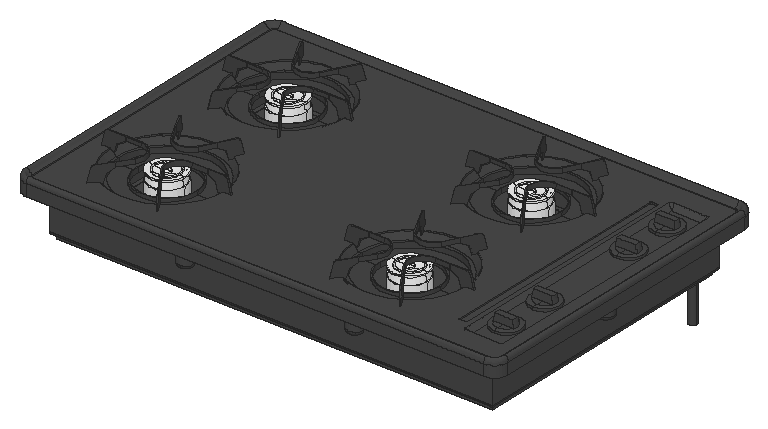
Revit family "QF_Summit_TNL05P_Cooktop", category Specialty Equipment, Revit 2020 (continued)
Definition of nested family "Summit_Burner"
  Automatic sketch dimensions
    curve 37 to plane 8 "Center X" = 0"
    curve 28 to plane 8 "Center X" = 0.00005"
    curve 28 to curve 30 = 0"
    curve 28 to curve 29 = 0"
    curve 37 to curve 23 = 0.00008"
    curve 23 to curve 21 = 0.00002"
    curve 21 to curve 20 = 0.00003"
    curve 30 to curve 16 = 0.00015"
    curve 32 to curve 20 = 0.08532"
    curve 21 to curve 32 = 0.00683"
    curve 31 to curve 21 = 0.0725"
    curve 12 to curve 11 = 0.00194"
    curve 34 to curve 12 = 0.06053"
    curve 33 to curve 12 = 0.06852"
    curve 10 to curve 11 = 0.27562"
    curve 30 to curve 23 = 0.05436"
    curve 35 to curve 10 = 0.05987"
    curve 32 to curve 33 = 0.01816"
    curve 34 to curve 32 = 0.06703"
    curve 31 to curve 34 = 0.0111"
    curve 29 to curve 25 = 0.0546"
    curve 26 to curve 25 = 0.14085"
    curve 36 to curve 9 = 0.05612"
    curve 28 to curve 26 = 0.05462"
    curve 8 to curve 36 = 0.11219"
    curve 37 to curve 8 = 0.0556"
    curve 30 to curve 35 = 0.00104"
    curve 29 to curve 36 = 0.00067"
    curve 28 to curve 37 = 0.00063"
    curve 18 to curve 21 = 0.00535"
    curve 21 to curve 19 = 0.07323"
    curve 11 to curve 12 = 0.0019"
    curve 12 to curve 14 = 0.06051"
    curve 12 to curve 13 = 0.06855"
    curve 11 to curve 10 = 0.3055"
    curve 23 to curve 22 = 0.06833"
    curve 10 to curve 15 = 0.04534"
    curve 13 to curve 18 = 0.01507"
    curve 18 to curve 14 = 0.07001"
    curve 19 to plane 8 "Center X" = 0.08242"
    curve 25 to curve 24 = 0.05466"
    curve 9 to curve 16 = 0.0538"
    curve 26 to curve 27 = 7/128"
    curve 9 to curve 8 = 0.16803"
    curve 8 to curve 17 = 0.04772"
    curve 15 to curve 22 = 0.00203"
    curve 16 to curve 24 = 0.0001"
    curve 17 to curve 27 = 0.00107"
    curve 30 to curve 35 = 0.06245"
    curve 29 to curve 36 = 0.06245"
    curve 28 to curve 37 = 0.06245"
    curve 18 to curve 14 = 0.0297"
    curve 32 to curve 34 = 0.03106"
    curve 12 to curve 34 = 0.04337"
    curve 14 to curve 11 = 0.04324"
    curve 15 to curve 10 = 0.02225"
    curve 16 to curve 9 = 0.03201"
    curve 17 to curve 8 = 0.02894"
    Revolve 1 sketch curve to plane 7 "Center Y" = 0"  (x2)
    Revolve 1 sketch curve to Revolve 1 sketch curve = 0.23333"
    Revolve 1 sketch curve to plane 7 "Center Y" = 0.24695"
    Revolve 1 sketch curve to Revolve 1 sketch curve = 0.51345"
    Revolve 1 sketch curve to Revolve 1 sketch curve = 0.02917"
    Revolve 1 sketch curve to Revolve 1 sketch curve = 0.18246"
    Revolve 1 sketch curve to Revolve 1 sketch curve = 0.07859"
    Revolve 1 sketch curve to Revolve 1 sketch curve = 0.0713"
    Revolve 1 sketch curve to plane 6 "TOP" = 0.50892"
    Revolve 1 sketch curve to Revolve 1 sketch curve = 0.14989"
    Revolve 1 sketch curve to Revolve 1 sketch curve = 0.7"
    Revolve 1 sketch curve to Revolve 1 sketch curve = 0.05833"  (x2)
    plane 3 "LEFT" to Revolve 1 sketch curve = 0.74587"
    Revolve 1 sketch curve to Revolve 1 sketch curve = 0.1959"
    plane 3 "LEFT" to Revolve 1 sketch curve = 1/4"
    Revolve 1 sketch curve to plane 6 "TOP" = 0.53304"
    Revolve 1 sketch curve to Revolve 1 sketch curve = 0.02643"
    Revolve 1 sketch curve to plane 6 "TOP" = 0.8456"
    Revolve 1 sketch curve to Revolve 1 sketch curve = 0"  (x2)
    Revolve 1 sketch curve to Revolve 1 sketch curve = 0.20616"
    Revolve 1 sketch curve to Revolve 1 sketch curve = 1.38136"
    Revolve 1 sketch curve to Revolve 1 sketch curve = 0.0449"
    Revolve 1 sketch curve to Revolve 1 sketch curve = 0.35749"
    Revolve 1 sketch curve to Revolve 1 sketch curve = 0.07043"
    Revolve 1 sketch curve to Revolve 1 sketch curve = 0.03555"
    Revolve 1 sketch curve to Revolve 1 sketch curve = 0.07819"
    Revolve 1 sketch curve to Revolve 1 sketch curve = 0.04006"
    Revolve 1 sketch curve to Revolve 1 sketch curve = 0.01412"
    Revolve 1 sketch curve to Revolve 1 sketch curve = 0.0834"
    Extrusion 2 sketch curve to Extrusion 2 sketch curve = 0"  (x6)
    Extrusion 2 sketch curve to plane 7 "Center Y" = 0"
    plane 7 "Center Y" to Extrusion 2 sketch curve = 0.78533"
    plane 7 "Center Y" to Extrusion 2 sketch curve = 0.79697"
    Extrusion 2 sketch curve to Extrusion 2 sketch curve = 0.05518"  (x4)
    Extrusion 2 sketch curve to Extrusion 2 sketch curve = 0.05181"  (x4)
    Extrusion 2 sketch curve to Extrusion 2 sketch curve = 0.44677"  (x2)
    Extrusion 2 sketch curve to Extrusion 2 sketch curve = 0.54664"  (x2)
    Extrusion 2 sketch curve to plane 8 "Center X" = 1/32"
    Extrusion 2 sketch curve to Extrusion 2 sketch curve = 0.73738"  (x2)
    Extrusion 2 sketch curve to Extrusion 2 sketch curve = 0.95164"  (x2)
    Extrusion 2 sketch curve to plane 7 "Center Y" = 0.78533"
    Extrusion 2 sketch curve to plane 7 "Center Y" = 0.79697"
    plane 8 "Center X" to Extrusion 2 sketch curve = 1/32"
    plane 8 "Center X" to Extrusion 2 sketch curve = 1.39462"
    Extrusion 2 sketch curve to Extrusion 2 sketch curve = 0.02934"
    Extrusion 2 sketch curve to Extrusion 2 sketch curve = 0.41757"
    Extrusion 2 sketch curve to Extrusion 2 sketch curve = 1/16"  (x2)
    Extrusion 2 sketch curve to Extrusion 2 sketch curve = 0.88944"  (x2)
    plane 6 "TOP" to Extrusion 3 sketch curve = 1/4"
    plane 3 "LEFT" to Extrusion 3 sketch curve = 1.21219"
    Extrusion 3 sketch curve to plane 6 "TOP" = 0.05877"
    Extrusion 3 sketch curve to Extrusion 3 sketch curve = 0.53481"
    Extrusion 3 sketch curve to Extrusion 3 sketch curve = 0.12323"
    Extrusion 3 sketch curve to Extrusion 3 sketch curve = 1/4"
    Extrusion 3 sketch curve to Extrusion 3 sketch curve = 0.09613"
    plane 3 "LEFT" to Extrusion 3 sketch curve = 0.16348"
    Extrusion 3 sketch curve to plane 3 "LEFT" = 0.05937"
    Extrusion 3 sketch curve to plane 3 "LEFT" = 0.24994"
    Extrusion 3 sketch curve to plane 6 "TOP" = 0.43845"
    Extrusion 3 sketch curve to Extrusion 3 sketch curve = 0.11457"
    plane 6 "TOP" to Extrusion 3 sketch curve = 0.27032"
    Extrusion 3 sketch curve to Extrusion 3 sketch curve = 0.05556"
    plane 6 "TOP" to Extrusion 4 sketch curve = 1/4"
    Extrusion 4 sketch curve to plane 6 "TOP" = 0.05877"
    Extrusion 4 sketch curve to Extrusion 4 sketch curve = 0.53481"
    Extrusion 4 sketch curve to Extrusion 4 sketch curve = 0.12323"
    Extrusion 4 sketch curve to plane 6 "TOP" = 0.55301"
    Extrusion 4 sketch curve to Extrusion 4 sketch curve = 1/4"
    Extrusion 4 sketch curve to plane 6 "TOP" = 0.43845"
    Extrusion 4 sketch curve to Extrusion 4 sketch curve = 0.09613"
    plane 6 "TOP" to Extrusion 4 sketch curve = 0.27032"
    Extrusion 4 sketch curve to Extrusion 4 sketch curve = 0.5139"
    plane 6 "TOP" to Extrusion 4 sketch curve = 0.32589"
    Extrusion 4 sketch curve to Extrusion 4 sketch curve = 0.22285"
    Extrusion 4 sketch curve to Extrusion 4 sketch curve = 0.45796"
    plane 6 "TOP" to Extrusion 5 sketch curve = 1/4"
    plane 4 "RIGHT" to Extrusion 5 sketch curve = 1.21219"
    Extrusion 5 sketch curve to plane 6 "TOP" = 0.05877"
    Extrusion 5 sketch curve to Extrusion 5 sketch curve = 0.53481"
    Extrusion 5 sketch curve to Extrusion 5 sketch curve = 0.12323"
    Extrusion 5 sketch curve to Extrusion 5 sketch curve = 1/4"
    Extrusion 5 sketch curve to Extrusion 5 sketch curve = 0.09613"
    plane 4 "RIGHT" to Extrusion 5 sketch curve = 0.16348"
    Extrusion 5 sketch curve to plane 4 "RIGHT" = 0.05937"
    Extrusion 5 sketch curve to plane 4 "RIGHT" = 0.24994"
    plane 6 "TOP" to Extrusion 5 sketch curve = 0.27032"
    Extrusion 5 sketch curve to Extrusion 5 sketch curve = 0.05556"
    Extrusion 5 sketch curve to plane 6 "TOP" = 0.43845"
    Extrusion 5 sketch curve to Extrusion 5 sketch curve = 0.11457"
    plane 6 "TOP" to Extrusion 6 sketch curve = 1/4"
    Extrusion 6 sketch curve to plane 6 "TOP" = 0.05877"
    Extrusion 6 sketch curve to Extrusion 6 sketch curve = 0.53481"
    Extrusion 6 sketch curve to Extrusion 6 sketch curve = 0.12323"
    Extrusion 6 sketch curve to plane 6 "TOP" = 0.55301"
    Extrusion 6 sketch curve to Extrusion 6 sketch curve = 1/4"
    Extrusion 6 sketch curve to plane 6 "TOP" = 0.43845"
    Extrusion 6 sketch curve to Extrusion 6 sketch curve = 0.09613"
    plane 6 "TOP" to Extrusion 6 sketch curve = 0.27032"
    Extrusion 6 sketch curve to Extrusion 6 sketch curve = 0.5139"
    plane 6 "TOP" to Extrusion 6 sketch curve = 0.32589"
    Extrusion 6 sketch curve to Extrusion 6 sketch curve = 0.22285"
    Extrusion 6 sketch curve to Extrusion 6 sketch curve = 0.45796"
    plane 6 "TOP" to Extrusion 7 sketch curve = 1/4"
    Extrusion 7 sketch curve to plane 6 "TOP" = 0.05877"
    Extrusion 7 sketch curve to Extrusion 7 sketch curve = 0.53481"
    Extrusion 7 sketch curve to Extrusion 7 sketch curve = 0.12323"
    Extrusion 7 sketch curve to plane 6 "TOP" = 0.55301"
    Extrusion 7 sketch curve to Extrusion 7 sketch curve = 1/4"
    Extrusion 7 sketch curve to plane 6 "TOP" = 0.43845"
    Extrusion 7 sketch curve to Extrusion 7 sketch curve = 0.09613"
    plane 6 "TOP" to Extrusion 7 sketch curve = 0.27032"
    Extrusion 7 sketch curve to Extrusion 7 sketch curve = 0.5139"
    plane 6 "TOP" to Extrusion 7 sketch curve = 0.32589"
    Extrusion 7 sketch curve to Extrusion 7 sketch curve = 0.22285"
    Extrusion 7 sketch curve to Extrusion 7 sketch curve = 0.45796"
    plane 6 "TOP" to Extrusion 8 sketch curve = 1/4"
    Extrusion 8 sketch curve to plane 6 "TOP" = 0.05877"
    Extrusion 8 sketch curve to Extrusion 8 sketch curve = 0.53481"
    Extrusion 8 sketch curve to Extrusion 8 sketch curve = 0.12323"
    Extrusion 8 sketch curve to plane 6 "TOP" = 0.55301"
    Extrusion 8 sketch curve to Extrusion 8 sketch curve = 1/4"
    Extrusion 8 sketch curve to plane 6 "TOP" = 0.43845"
    Extrusion 8 sketch curve to Extrusion 8 sketch curve = 0.09613"
    plane 6 "TOP" to Extrusion 8 sketch curve = 0.27032"
    Extrusion 8 sketch curve to Extrusion 8 sketch curve = 0.5139"
    plane 6 "TOP" to Extrusion 8 sketch curve = 0.32589"
    Extrusion 8 sketch curve to Extrusion 8 sketch curve = 0.22285"
    Extrusion 8 sketch curve to Extrusion 8 sketch curve = 0.45796"
    curve 38 to curve 10 = 0.09124"
    curve 39 to curve 38 = 0.05181"
    curve 40 to curve 41 = 0.03495"
    curve 42 to plane 5 "FRONT" = 0.2744"
    curve 10 to curve 43 = 0.11316"
    curve 43 to curve 44 = 0"
    curve 44 to curve 43 = 0.05181"
    curve 45 to curve 9 = 0.5693"
    curve 45 to curve 46 = 0.03495"
    plane 8 "Center X" to curve 49 = 1/32"
    curve 49 to plane 4 "RIGHT" = 0.24994"
    curve 50 to plane 5 "FRONT" = 0.2744"
    curve 45 to curve 50 = 0.05181"
    curve 49 to plane 8 "Center X" = 1/32"
    curve 25 to curve 26 = 0.14084"
    curve 26 to curve 27 = 0.03027"
    curve 23 to curve 30 = 0.03089"
    curve 21 to curve 31 = 0.03066"
    curve 20 to curve 18 = 0.08679"
    curve 21 to curve 32 = 0.07353"
    curve 20 to curve 32 = 0.03085"
    curve 30 to curve 51 = 0.12572"
    curve 51 to curve 23 = 0.07139"
    curve 51 to curve 52 = 0.05518"
    curve 52 to curve 51 = 0.05518"
    curve 56 to curve 55 = 0.05518"
    plane 1 "BACK" to curve 57 = 0.1948"
    plane 1 "BACK" to curve 54 = 0.1948"
    radius of curve 2 = 0.80512"
    radius of curve 3 = 0.74678"
    radius of curve 4 = 0.23333"
